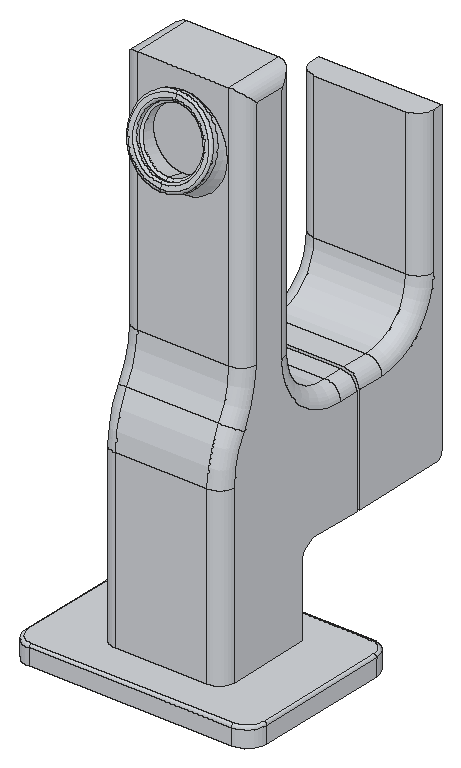
Revit family "Faucet-Bidet-KOHLER-Strayt-K-37341IN", category Plumbing Fixtures, host Face, Revit 2017
Family settings
  Host = Face
  Round Connector Dimension = Use Diameter
  Part Type = Normal
  OmniClass Number = 23.31.11.00
  OmniClass Title = Faucets
  Cut with Voids When Loaded = No
  Shared = No
  Room Calculation Point = No
Parameters (values of type "CP-Polished Chrome")
  Width = 2.48031"  # constant formula
  WaterSense Certified = 1 = 0  # no
  Waste Water Outlet = "Waste Water Outlet"  # constant formula
  Waste Connection = 1 = 0  # no
  Vent Connection = 1 = 0  # no
  URL = "https://www.kohler.co.in/"
  Type = 1
  Spout Reach = 5"  # constant formula
  Product Page URL = "https://www.kohler.co.in/product-detail/37341in-4?skuid=K-37341IN-4-CP"
  Product Name = "Strayt"  # constant formula
  Product Documentation Link = "https://resources.kohler.com/plumbing/kohlerindia/pdf/37341_4.pdf"
  Pressure = 0.00 psi
  Model = "K-37341IN-4-CP"  # constant formula
  Material = "Premium Metal Construction"  # constant formula
  Master Format 2014 Name = "Residential Faucets, Supplies, and Trim"  # constant formula
  Master Format 2014 = "22 41 39"  # constant formula
  Manufacturer Address = "Ambience Office Tower NH-8 Gurgaon / Gurugram Haryana , 122001"  # constant formula
  Manufacturer = "KOHLER Co."  # constant formula
  Length = Spout Reach  # 5"
  Hot Water Inlet = "Hot Water Inlet"  # constant formula
  Height = 3.0315"  # constant formula
  Handle Clearance = 2.62205"  # constant formula
  HW Connection = 1 = 0  # no
  Flow Rate = 0 GPM
  Finish = Kohler-Metal-CP-Polished_Chrome
  Environmental Product Declaration = ""
  Drain Included = 1 = 0  # no
  Description = "1 Way Bib Tap"  # constant formula
  Default Elevation = 36"
  Declare Label = ""
  Date Modified = "11/08/2021"  # constant formula
  Date Created = "11/08/2021"  # constant formula
  Copyright = "Copyright KOHLER Co."  # constant formula
  Contact Us = "https://www.kohler.co.in/contact-us"
  Cold Water Inlet = "Cold Water Inlet"  # constant formula
  CW Connection = 1 = 1  # yes
  Assembly Code = "D2010"
  ADA Compliant = 1 = 0  # no
Reference planes (in)
  plane 1 "Center (Front/Back)": y = 0
  plane 2: z = 0
  plane 3 "Center (Left/Right)": x = 0
  plane 4: x = -1.2401575
  plane 5: x = 1.2401575
  plane 6: y = 0.9055118
  plane 7: y = -0.9055118
  plane 8: y = 2.1259843
  plane 9: y = -0.4330709
  plane 10: z = 4.3543307
  plane 11: z = 0.1968504
  plane 12: z = 5
  plane 13: z = 5.5748031
  plane 14: z = 1.7322835
Dimensions and locks (in)
  "Width": plane 4 to plane 5
  "Height": plane 8 to plane 7
  "Spout Reach": plane 12 to plane 2
  "Handle Clearance": plane 10 to plane 14
  locked: plane 6 to plane 7 at 1.8110236
  locked: plane 8 to plane 1 "Center (Front/Back)" at 2.1259843
  locked: plane 8 to plane 9 at 2.5590551
  locked: plane 12 to plane 14 at 3.2677165
  aligned and locked: plane 2 to host face
  aligned and locked: level to host face
Automatic sketch dimensions
  host sketch curve to host sketch curve = 96"  (x2)
Nested families (in)
  nested 1: "K-37341IN" at (0, 0, 0), type "K-37341IN"
Connectors (in)
  piping at (0, 0, 0), diameter 0.5, driven by "CW Connection", driven by "Cold Water Inlet"
    settings: on nested 1, index 1, connector inside diameter 24", connector length 0", flow factor 0, pipe flow 0 GPM, pressure drop 0.00 psi, fitting loss kfactor 0, connector angle 0.00°, fixture units 0, engagement length 0", angle of deflection 0.00°, flow configuration 0, flow direction 1, fitting loss method 0, system type 20, joint type 0, gender type 0, connector reference index -1, connector utility 1, adjustable connector no, is connector primary yes, connector description "Cold Water Inlet"
Definition of nested family "K-37341IN"
  Parameters (values of type "K-37341IN")
    material = none
  Reference planes (in)
    plane 1 "Center (Front/Back)": y = 0
    plane 2: z = 0
    plane 3 "Center (Left/Right)": x = 0
    plane 4: y = 0.9055118
    plane 5: y = -0.9055118
    plane 6: x = 1.2401575
    plane 7: x = -1.2401575
    plane 8: z = 5
    plane 9: z = 1.7322835
    plane 10: y = 2.1259843
    plane 11: y = -0.4330709
    plane 12: z = 5.5748031
    plane 13: z = 0.1968504
    plane 14: z = 4.3543307
  Forms (in)
    Sweep 1, solid, material <- "material", detail levels medium+fine
      path origin (0, 0, 0) x (0, 1, 0) y (0, 0, 1)
        loop
          line (-0.511811, 0.1968504) -> (-0.511811, 1.995518)
          arc (-0.511811, 1.995518) -> (-0.47324, 2.2758993) -> (-0.3603923, 2.5354505) r 1.0383617
          arc (-0.3603923, 2.5354505) -> (-0.2619827, 2.7617943) -> (-0.2283465, 3.0063031) r 0.9055118
          line (-0.2283465, 3.0063031) -> (-0.2283465, 5.5748031) -> (0.4133858, 5.5748031) -> (0.4133858, 2.9173228)
          arc (0.4133858, 2.9173228) -> (0.5875874, 2.5066408) -> (1.003937, 2.3464567) r 0.5711942
          line (1.003937, 2.3464567) -> (1.5374016, 2.3464567)
          arc (1.5374016, 2.3464567) -> (1.8993066, 2.4963627) -> (2.0492126, 2.8582677) r 0.511811
          line (2.0492126, 2.8582677) -> (2.0492126, 4.3543307)
      profile origin (0, -0.511811, 1.0961842) x (0, -1, 0) y (1, 0, 0)
        loop
          arc (0, 0.4724409) -> (-0.0461249, 0.5837963) -> (-0.1574803, 0.6299213) r 0.1574803
          line (-0.1574803, 0.6299213) -> (-0.2578548, 0.6299213) -> (-0.2578548, -0.6299213) -> (-0.1574803, -0.6299213)
          arc (-0.1574803, -0.6299213) -> (-0.0461249, -0.5837963) -> (0, -0.4724409) r 0.1574803
          line (0, -0.4724409) -> (0, 0.4724409)
    Extrusion 2, solid, material <- "material", detail levels medium+fine
      sketch origin (0, 0, 0) x (0, 1, 0) y (0, 0, 1)
        loop
          line (0.511811, 0.1968504) -> (0.511811, 0.9291339)
          arc (0.511811, 0.9291339) -> (0.5579359, 1.0404893) -> (0.6692913, 1.0866142) r 0.1574803
          line (0.6692913, 1.0866142) -> (2.2283273, 1.0866142)
          arc (2.2283273, 1.0866142) -> (2.284005, 1.1096766) -> (2.3070674, 1.1653543) r 0.0787402
          line (2.3070674, 1.1653543) -> (2.3070674, 2.8582677)
          arc (2.3070674, 2.8582677) -> (2.0816089, 2.3140031) -> (1.5373205, 2.0886019) r 0.7696659
          line (1.5373205, 2.0886019) -> (1.0097986, 2.0886574)
          arc (1.0097986, 2.0886574) -> (0.4073388, 2.3222473) -> (0.155531, 2.9173228) r 0.8290491
          line (0.155531, 2.9173228) -> (0.155531, 5.3169483) -> (0.0295084, 5.3169483) -> (0.0295084, 3.0063031)
          arc (0.0295084, 3.0063031) -> (-0.0137061, 2.6921676) -> (-0.1401391, 2.4013699) r 1.1633666
          arc (-0.1401391, 2.4013699) -> (-0.2249634, 2.2062727) -> (-0.2539562, 1.995518) r 0.7805069
          line (-0.2539562, 1.995518) -> (-0.2539562, 0.1968504) -> (0.511811, 0.1968504)
      from -0.6299213 to 0.6299213
    Revolve 3, void, detail levels medium+fine
      sketch origin (0, 0, 0) x (0, 1, 0) y (0, 0, 1)
        loop
          line (1.2125984, 2.0453089) -> (1.2525211, 2.0453089) -> (1.2525211, 2.7063295) -> (1.2125984, 2.7063295) -> (1.2125984, 2.0453089)
        axis (1.2125984, 1.7322835) -> (1.2525211, 1.7322835)
      angle from 0 to 360
    Revolve 4, solid, material <- "material", detail levels medium+fine
      sketch origin (0, 0, 0) x (0, 1, 0) y (0, 0, 1)
        loop
          arc (-0.2810643, 5.4036052) -> (-0.299068, 5.4012349) -> (-0.3101226, 5.3868283) r 0.023726
          line (-0.3101226, 5.3868283) -> (-0.3223221, 5.3412992)
          arc (-0.3223221, 5.3412992) -> (-0.3201013, 5.324431) -> (-0.3066035, 5.3140737) r 0.0222295
          line (-0.3066035, 5.3140737) -> (-0.2754651, 5.3057303) -> (-0.2636888, 5.273375) -> (0.0364775, 5.1929456) -> (0.0944934, 5.4094639)
          arc (0.0944934, 5.4094639) -> (-0.0652954, 5.3731217) -> (-0.2283465, 5.3894795) r 0.5085765
          line (-0.2283465, 5.3894795) -> (-0.2810643, 5.4036052)
        axis (-0.4160688, 4.9914316) -> (-0.0442158, 4.8917939)
      angle from 0 to 360
    Revolve 5, solid, material <- "material", detail levels medium+fine
      sketch origin (0, 0, 0) x (0, 1, 0) y (0, 0, 1)
        loop
          line (1.7716535, 1.1062992) -> (1.6059033, 1.1062992)
          arc (1.6059033, 1.1062992) -> (1.675849, 1.037917) -> (1.7716535, 1.0181683) r 0.1737181
          line (1.7716535, 1.0181683) -> (1.7716535, 1.1062992)
        axis (1.7716535, 1.0181683) -> (1.7716535, 1.1062992)
      angle from 0 to 360
    Sweep 6, solid, material <- "material", detail levels medium+fine
      path origin (0, 0, 0) x (1, 0, 0) y (0, 1, 0)
        loop
          arc (-1.0433071, 0.9055118) -> (-1.1825013, 0.8478557) -> (-1.2401575, 0.7086614) r 0.1968504
          line (-1.2401575, 0.7086614) -> (-1.2401575, -0.7086614)
          arc (-1.2401575, -0.7086614) -> (-1.1825013, -0.8478557) -> (-1.0433071, -0.9055118) r 0.1968504
          line (-1.0433071, -0.9055118) -> (1.0433071, -0.9055118)
          arc (1.0433071, -0.9055118) -> (1.1825013, -0.8478557) -> (1.2401575, -0.7086614) r 0.1968504
          line (1.2401575, -0.7086614) -> (1.2401575, 0.7086614)
          arc (1.2401575, 0.7086614) -> (1.1825013, 0.8478557) -> (1.0433071, 0.9055118) r 0.1968504
          line (1.0433071, 0.9055118) -> (-1.0433071, 0.9055118)
      profile origin (0, 0.9055118, 0) x (0, 1, 0) y (0, 0, 1)
        loop
          line (0, 0) -> (0, 0.1688845)
          arc (0, 0.1688845) -> (-0.008191, 0.1886594) -> (-0.0279659, 0.1968504) r 0.0279659
          line (-0.0279659, 0.1968504) -> (-0.1294959, 0.1968504) -> (-0.1294959, 0) -> (0, 0)
    Extrusion 7, solid, material <- "material", detail levels medium+fine
      sketch origin (0, 0, 0) x (1, 0, 0) y (0, 1, 0)
        loop
          arc (-1.0433071, 0.776016) -> (-1.0909339, 0.7562883) -> (-1.1106616, 0.7086614) r 0.0673545
          line (-1.1106616, 0.7086614) -> (-1.1106616, -0.7086614)
          arc (-1.1106616, -0.7086614) -> (-1.0909339, -0.7562883) -> (-1.0433071, -0.776016) r 0.0673545
          line (-1.0433071, -0.776016) -> (1.0433071, -0.776016)
          arc (1.0433071, -0.776016) -> (1.0909339, -0.7562883) -> (1.1106616, -0.7086614) r 0.0673545
          line (1.1106616, -0.7086614) -> (1.1106616, 0.7086614)
          arc (1.1106616, 0.7086614) -> (1.0909339, 0.7562883) -> (1.0433071, 0.776016) r 0.0673545
          line (1.0433071, 0.776016) -> (-1.0433071, 0.776016)
      from 0 to 0.1968504
    Extrusion 8, solid, material <- "material", detail levels coarse
      sketch origin (0, 0, 0) x (1, 0, 0) y (0, 1, 0)
        loop
          line (-1.2401575, 0.9055118) -> (-1.2401575, -0.9055118) -> (1.2401575, -0.9055118) -> (1.2401575, 0.9055118) -> (-1.2401575, 0.9055118)
      from 0 to 0.1968504
    Extrusion 9, solid, material <- "material", detail levels coarse
      sketch origin (0, 0, 0) x (0, 1, 0) y (0, 0, 1)
        loop
          line (-0.511811, 0.1968504) -> (0.511811, 0.1968504) -> (0.511811, 1.0159279) -> (2.3252953, 1.0159279) -> (2.3252953, 2.4002255) -> (2.3252953, 4.355315) -> (2.0615157, 4.355315) -> (2.0615157, 2.4002255) -> (0.511811, 2.4002255) -> (0.511811, 5.5748031) -> (-0.2874016, 5.5748031) -> (-0.2874016, 3.0649606) -> (-0.511811, 3.0649606) -> (-0.511811, 0.1968504)
      from -0.6299213 to 0.6299213
    Revolve 10, solid, material <- "material", detail levels coarse
      sketch origin (0, 0, 0) x (0, 1, 0) y (0, 0, 1)
        loop
          line (-0.4562116, 5.0007432) -> (0.0593518, 4.8625984) -> (0.1727824, 5.2859273) -> (-0.342781, 5.4240721) -> (-0.4562116, 5.0007432)
        axis (-0.4562116, 5.0007432) -> (0.0593518, 4.8625984)
      angle from 0 to 360
    Extrusion 11, solid, material <- "material", detail levels medium+fine
      sketch origin (0, 0, 0) x (1, 0, 0) y (0, 1, 0)
        loop
          circle (0, 0) r 0.2755906
      from 0 to 0.0488825
  Cuts and joins
    Revolve 3 cuts Sweep 1
    Revolve 3 cuts Extrusion 2
    joined: Sweep 1, Extrusion 2, Revolve 4, Revolve 5, Sweep 6, Extrusion 7
    joined: Extrusion 8, Extrusion 9, Revolve 10
  Lines and regions (in)
    Masking region 1
      outline origin (0, 0, 0) x (0, 1, 0) y (0, 0, 1)
        loop
          line (-0.9055118, 0) -> (0, 0) -> (0.9055118, 0) -> (0.9055118, 0.1692913)
          arc (0.9055118, 0.1692913) -> (0.89744, 0.1887785) -> (0.8779528, 0.1968504) r 0.0275591
          line (0.8779528, 0.1968504) -> (0.511811, 0.1968504) -> (0.511811, 0.9291339)
          arc (0.511811, 0.9291339) -> (0.5579359, 1.0404893) -> (0.6692913, 1.0866142) r 0.1574803
          line (0.6692913, 1.0866142) -> (1.2125984, 1.0866142) -> (1.2125984, 1.419258) -> (1.2525211, 1.419258) -> (1.2525211, 1.0866142) -> (1.4194624, 1.0866142)
          arc (1.4194624, 1.0866142) -> (1.5723425, 1.0163874) -> (1.7252227, 1.0866142) r 0.2015196
          line (1.7252227, 1.0866142) -> (2.0389314, 1.0866142)
          arc (2.0389314, 1.0866142) -> (2.0988559, 1.1114357) -> (2.1236774, 1.1713602) r 0.084746
          line (2.1236774, 1.1713602) -> (2.1236774, 4.3307087)
          arc (2.1236774, 4.3307087) -> (2.1167587, 4.347412) -> (2.1000554, 4.3543307) r 0.023622
          line (2.1000554, 4.3543307) -> (1.8835199, 4.3543307)
          arc (1.8835199, 4.3543307) -> (1.8668166, 4.347412) -> (1.8598979, 4.3307087) r 0.023622
          line (1.8598979, 4.3307087) -> (1.8598979, 2.8542779)
          arc (1.8598979, 2.8542779) -> (1.7068997, 2.4909249) -> (1.3400716, 2.3464567) r 0.5079599
          line (1.3400716, 2.3464567) -> (1.2525211, 2.3464567) -> (1.2525211, 2.0453089) -> (1.2125984, 2.0453089) -> (1.2125984, 2.3464567) -> (1.003937, 2.3464567)
          arc (1.003937, 2.3464567) -> (0.5875596, 2.506922) -> (0.4133858, 2.9177538) r 0.5716109
          line (0.4133858, 2.9177538) -> (0.4133858, 5.5354331)
          arc (0.4133858, 5.5354331) -> (0.4018546, 5.5632719) -> (0.3740157, 5.5748031) r 0.0393701
          line (0.3740157, 5.5748031) -> (-0.1889764, 5.5748031)
          arc (-0.1889764, 5.5748031) -> (-0.2168152, 5.5632719) -> (-0.2283465, 5.5354331) r 0.0393701
          line (-0.2283465, 5.5354331) -> (-0.2283465, 5.3894194) -> (-0.2800427, 5.4032713)
          arc (-0.2800427, 5.4032713) -> (-0.2986596, 5.4008204) -> (-0.3100906, 5.3859232) r 0.024534
          line (-0.3100906, 5.3859232) -> (-0.5222571, 4.594107)
          arc (-0.5222571, 4.594107) -> (-0.5197318, 4.577265) -> (-0.5056829, 4.5676391) r 0.0213312
          arc (-0.5056829, 4.5676391) -> (-0.3562445, 4.5153028) -> (-0.2283465, 4.4219595) r 0.5412516
          line (-0.2283465, 4.4219595) -> (-0.2283465, 3.0214234)
          arc (-0.2283465, 3.0214234) -> (-0.2610162, 2.7699567) -> (-0.3568566, 2.5351857) r 0.9841324
          arc (-0.3568566, 2.5351857) -> (-0.4724186, 2.2521043) -> (-0.511811, 1.9488918) r 1.1866434
          line (-0.511811, 1.9488918) -> (-0.511811, 0.1968504) -> (-0.8779528, 0.1968504)
          arc (-0.8779528, 0.1968504) -> (-0.89744, 0.1887785) -> (-0.9055118, 0.1692913) r 0.0275591
          line (-0.9055118, 0.1692913) -> (-0.9055118, 0)
    Masking region 2
      outline origin (0, 0, 0) x (1, 0, 0) y (0, 0, 1)
        loop
          line (-0.6299213, 5.4173228) -> (-0.6299213, 0.1968504) -> (-1.2401575, 0.1968504) -> (-1.2401575, 0) -> (1.2401575, 0) -> (1.2401575, 0.1968504) -> (0.6310029, 0.1968504) -> (0.6310029, 5.4173228)
          arc (0.6310029, 5.4173228) -> (0.584878, 5.5286782) -> (0.4735226, 5.5748031) r 0.1574803
          line (0.4735226, 5.5748031) -> (-0.4724409, 5.5748031)
          arc (-0.4724409, 5.5748031) -> (-0.5837963, 5.5286782) -> (-0.6299213, 5.4173228) r 0.1574803
    Masking region 3
      outline origin (0, 0, 0) x (1, 0, 0) y (0, 1, 0)
        loop
          line (-1.0433071, -0.9055118) -> (1.0433071, -0.9055118)
          arc (1.0433071, -0.9055118) -> (1.1825013, -0.8478557) -> (1.2401575, -0.7086614) r 0.1968504
          line (1.2401575, -0.7086614) -> (1.2401575, 0.7086614)
          arc (1.2401575, 0.7086614) -> (1.1825013, 0.8478557) -> (1.0433071, 0.9055118) r 0.1968504
          line (1.0433071, 0.9055118) -> (0.6299213, 0.9055118) -> (0.6299213, 1.2125984) -> (0.3130254, 1.2125984) -> (0.3130254, 1.2525211) -> (0.6299213, 1.2525211) -> (0.6299213, 2.1023622)
          arc (0.6299213, 2.1023622) -> (0.6230025, 2.1190655) -> (0.6062992, 2.1259843) r 0.023622
          line (0.6062992, 2.1259843) -> (-0.6062992, 2.1259843)
          arc (-0.6062992, 2.1259843) -> (-0.6230025, 2.1190655) -> (-0.6299213, 2.1023622) r 0.023622
          line (-0.6299213, 2.1023622) -> (-0.6299213, 1.2525211) -> (-0.3130254, 1.2525211) -> (-0.3130254, 1.2125984) -> (-0.6299213, 1.2125984) -> (-0.6299213, 0.9055118) -> (-1.0433071, 0.9055118)
          arc (-1.0433071, 0.9055118) -> (-1.1825013, 0.8478557) -> (-1.2401575, 0.7086614) r 0.1968504
          line (-1.2401575, 0.7086614) -> (-1.2401575, -0.7086614)
          arc (-1.2401575, -0.7086614) -> (-1.1825013, -0.8478557) -> (-1.0433071, -0.9055118) r 0.1968504
    symbolic lines, detail levels medium+fine
      curve 1: line (0, 1.2125984, 1.419258) -> (0, 1.2125984, 2.0453089)
      curve 2: line (0, 1.2525211, 2.0453089) -> (0, 1.2525211, 1.419258)
      curve 3: line (0, 1.7252227, 1.0866142) -> (0, 1.4194624, 1.0866142)
      curve 4: line (0, -0.2283465, 5.3894194) -> (0, -0.2283465, 4.4219595)
      curve 5: line (0, 0.511811, 0.1968504) -> (0, -0.511811, 0.1968504)
      curve 6: line (-0.603037, 0, 4.3543307) -> (0.6041904, 0, 4.3543307)
      curve 7: line (-0.5981967, 0, 1.0866142) -> (0.5985812, 0, 1.0866142)
      curve 8: arc (0.1530839, 0, 1.0866142) -> (0.0005912, 0, 1.0171967) -> (-0.1519014, 0, 1.0866142) r 0.2022025
      curve 9: line (0.6310029, 0, 0.1968504) -> (-0.6299213, 0, 0.1968504)
      curve 10: arc (-0.6299213, 0, 1.1259843) -> (-0.6234774, 0, 1.0987098) -> (-0.5981967, 0, 1.0866142) r 0.0324669
      curve 11: arc (-0.6299213, 0, 4.3296156) -> (-0.6212962, 0, 4.347213) -> (-0.603037, 0, 4.3543307) r 0.0269795
      curve 12: arc (0.6310747, 0, 4.3296156) -> (0.6224497, 0, 4.347213) -> (0.6041904, 0, 4.3543307) r 0.0269795
      curve 13: arc (0.6310481, 0, 1.1190811) -> (0.6215388, 0, 1.0961235) -> (0.5985812, 0, 1.0866142) r 0.0324669
      curve 14: arc (0.6299213, -0.4239431, 0) -> (0.5837963, -0.5352985, 0) -> (0.4724409, -0.5814234, 0) r 0.1574803
      curve 15: arc (-0.4724409, -0.5814234, 0) -> (-0.5837963, -0.5352985, 0) -> (-0.6299213, -0.4239431, 0) r 0.1574803
      curve 16: line (-0.4724409, -0.5814234, 0) -> (-0.1770548, -0.5814234, 0)
      curve 17: line (0.6299213, -0.4239431, 0) -> (0.6299213, 0.9055118, 0)
      curve 18: line (-0.6299213, 0.9055118, 0) -> (-0.6299213, -0.4239431, 0)
      curve 19: arc (0.6299213, -0.0708661, 0) -> (0.5837963, -0.1822215, 0) -> (0.4724409, -0.2283465, 0) r 0.1574803
      curve 20: arc (0.6299213, 0.2559055, 0) -> (0.5837963, 0.3672609, 0) -> (0.4724409, 0.4133858, 0) r 0.1574803
      curve 21: arc (-0.4724409, 0.4133858, 0) -> (-0.5837963, 0.3672609, 0) -> (-0.6299213, 0.2559055, 0) r 0.1574803
      curve 22: arc (-0.4724409, -0.2283465, 0) -> (-0.5837963, -0.1822215, 0) -> (-0.6299213, -0.0708661, 0) r 0.1574803
      curve 23: line (-0.4724409, 0.4133858, 0) -> (0.4724409, 0.4133858, 0)
      curve 24: line (0.6299213, 0.2559055, 0) -> (0.6299213, -0.0708661, 0)
      curve 25: line (0.4724409, -0.2283465, 0) -> (-0.4724409, -0.2283465, 0)
      curve 26: arc (-0.4724409, 1.8743627, 0) -> (-0.5837963, 1.9204876, 0) -> (-0.6299213, 2.031843, 0) r 0.1574803
      curve 27: line (-0.4724409, 1.8743627, 0) -> (0.4724409, 1.8743627, 0)
      curve 28: arc (0.6299213, 2.031843, 0) -> (0.5837963, 1.9204876, 0) -> (0.4724409, 1.8743627, 0) r 0.1574803
      curve 29: line (0, 1.2525211, 0) -> (0.3149606, 1.2525211, 0)
      curve 30: line (-0.3149606, 1.2525211, 0) -> (0, 1.2525211, 0)
      curve 31: line (-0.3149606, 1.2125984, 0) -> (0, 1.2125984, 0)
      curve 32: line (0, 1.2125984, 0) -> (0.3149606, 1.2125984, 0)
      curve 33: line (-0.3149606, 1.2525211, 0) -> (-0.3149606, 1.2125984, 0)
      curve 34: line (0.3149606, 1.2525211, 0) -> (0.3149606, 1.2125984, 0)
      curve 35: arc (0, -0.5921049, 0) -> (0.0800673, -0.5907638, 0) -> (0.1598362, -0.5837282, 0) r 1.1245329
      curve 36: arc (0.1598362, -0.5837282, 0) -> (0.2767747, -0.5614103, 0) -> (0.3898334, -0.524122, 0) r 0.9164337
      curve 37: line (0.4329492, -0.4633132, 0) -> (0.4329492, -0.3414568, 0)
      curve 38: arc (0.4329492, -0.3414568, 0) -> (0.4363026, -0.284508, 0) -> (0.4463166, -0.2283465, 0) r 0.4852337
      curve 39: arc (0.3898334, -0.524122, 0) -> (0.4210765, -0.5005847, 0) -> (0.4329492, -0.4633132, 0) r 0.0644391
      curve 40: spline (0, -0.5210642, 0) -> (-0.0879933, -0.5180659, 0) -> (-0.1699901, -0.5092753, 0) -> (-0.2404023, -0.4952915, 0) -> (-0.2944314, -0.4770675, 0) -> (-0.3283956, -0.4558452, 0) -> (-0.3399801, -0.4330709, 0) -> (-0.3283956, -0.4102965, 0) -> (-0.2944314, -0.3890742, 0) -> (-0.2404023, -0.3708502, 0) -> (-0.1699901, -0.3568664, 0) -> (-0.0879933, -0.3480758, 0) -> (0, -0.3450775, 0)
      curve 41: spline (0, -0.3450775, 0) -> (0.0879933, -0.3480758, 0) -> (0.1699901, -0.3568664, 0) -> (0.2404023, -0.3708502, 0) -> (0.2944314, -0.3890742, 0) -> (0.3283956, -0.4102965, 0) -> (0.3399801, -0.4330709, 0) -> (0.3283956, -0.4558452, 0) -> (0.2944314, -0.4770675, 0) -> (0.2404023, -0.4952915, 0) -> (0.1699901, -0.5092753, 0) -> (0.0879933, -0.5180659, 0) -> (0, -0.5210642, 0)
      curve 42: spline (0.299142, -0.3912569, 0) -> (0.3091062, -0.4034585, 0) -> (0.3116873, -0.4159117, 0) -> (0.3068235, -0.4283191, 0) -> (0.2946311, -0.4403844, 0) -> (0.2754013, -0.4518193, 0) -> (0.2495934, -0.4623508, 0) -> (0.2178238, -0.4717272, 0) -> (0.1808514, -0.4797247, 0) -> (0.1395593, -0.4861522, 0) -> (0.0949337, -0.4908561, 0) -> (0.0480406, -0.4937242, 0) -> (0, -0.4946879, 0)
      curve 43: spline (0, -0.4946879, 0) -> (-0.0480406, -0.4937242, 0) -> (-0.0949337, -0.4908561, 0) -> (-0.1395593, -0.4861522, 0) -> (-0.1808514, -0.4797247, 0) -> (-0.2178238, -0.4717272, 0) -> (-0.2495934, -0.4623508, 0) -> (-0.2754013, -0.4518193, 0) -> (-0.2946311, -0.4403844, 0) -> (-0.3068235, -0.4283191, 0) -> (-0.3116873, -0.4159117, 0) -> (-0.3091062, -0.4034585, 0) -> (-0.299142, -0.3912569, 0)
      curve 44: arc (0, -0.5921049, 0) -> (-0.0800673, -0.5907638, 0) -> (-0.1598362, -0.5837282, 0) r 1.1245329
      curve 45: arc (-0.1598362, -0.5837282, 0) -> (-0.2767747, -0.5614103, 0) -> (-0.3898334, -0.524122, 0) r 0.9164337
      curve 46: line (-0.4329492, -0.4633132, 0) -> (-0.4329492, -0.3414568, 0)
      curve 47: arc (-0.4329492, -0.3414568, 0) -> (-0.4363026, -0.284508, 0) -> (-0.4463166, -0.2283465, 0) r 0.4852337
      curve 48: arc (-0.3898334, -0.524122, 0) -> (-0.4210765, -0.5005847, 0) -> (-0.4329492, -0.4633132, 0) r 0.0644391
      curve 49: line (0.1770548, -0.5814234, 0) -> (0.4724409, -0.5814234, 0)
      curve 50: arc (-0.2660969, -0.4436229, 0) -> (-0.0000037, -0.4807605, 0) -> (0.2661175, -0.4438237, 0) r 0.9744909
      curve 51: arc (-0.299142, -0.3912569, 0) -> (-0.2926381, -0.4237621, 0) -> (-0.2660969, -0.4436229, 0) r 0.0463797
      curve 52: arc (0.299142, -0.3912569, 0) -> (0.2926287, -0.4237769, 0) -> (0.2660633, -0.4436324, 0) r 0.0463797
  Dimensions and locks (in)
    plane 7 to plane 6 = 2.48031"
    plane 5 to plane 4 = 1.81102"
    plane 1 "Center (Front/Back)" to plane 10 = 2.12598"
    plane 11 to plane 10 = 2.55906"
    aligned and locked: plane 2 to level
